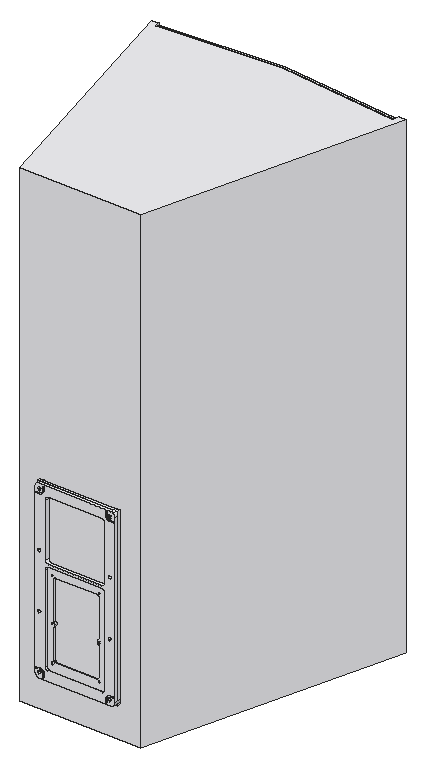
Revit family "EVF-1122D ", category Communication Devices, Revit 2017 (continued)
Definition of nested family "InputPanelV"
  Lines and regions (mm)
    model lines, not visible
      curve 204: line (62.673, -9.5, 74.153) -> (63.359, -9.5, 74.713)
      curve 205: line (63.359, -9.5, 74.713) -> (63.814, -9.5, 75.544)
      curve 206: line (63.818, -9.5, 75.551) -> (64.101, -9.5, 76.539)
      curve 207: line (64.101, -9.5, 76.539) -> (64.793, -9.5, 76.539)
      curve 208: line (64.793, -9.5, 76.539) -> (66.91, -9.5, 76.54)
      curve 209: line (66.91, -9.5, 76.54) -> (66.91, -9.5, 70.344)
      curve 210: line (61.049, -9.5, 85.998) -> (60.837, -9.5, 85.998)
      curve 211: line (60.837, -9.5, 85.998) -> (60.837, -9.5, 85.655)
      curve 212: line (60.916, -9.5, 85.517) -> (61.049, -9.5, 85.391)
      curve 213: line (61.049, -9.5, 85.391) -> (61.049, -9.5, 85.998)
      curve 214: line (61.049, -9.5, 85.998) -> (62.676, -9.5, 85.999)
      curve 215: line (62.676, -9.5, 85.999) -> (62.676, -9.5, 85.392)
      curve 216: line (62.676, -9.5, 79.084) -> (62.676, -9.5, 80.299)
      curve 217: line (62.677, -9.5, 72.779) -> (62.677, -9.5, 73.994)
      curve 218: line (62.678, -9.5, 66.472) -> (62.678, -9.5, 67.687)
      curve 219: line (61.052, -9.5, 60.773) -> (60.84, -9.5, 60.773)
      curve 220: line (60.84, -9.5, 60.773) -> (60.84, -9.5, 61.139)
      curve 221: line (60.918, -9.5, 61.255) -> (61.052, -9.5, 61.381)
      curve 222: line (61.052, -9.5, 61.381) -> (61.052, -9.5, 60.773)
      curve 223: line (61.052, -9.5, 60.773) -> (62.679, -9.5, 60.773)
      curve 224: line (62.679, -9.5, 60.773) -> (62.679, -9.5, 61.381)
      curve 225: line (60.839, -9.5, 66.735) -> (60.842, -9.5, 67.413)
      curve 226: line (60.918, -9.5, 67.56) -> (61.051, -9.5, 67.686)
      curve 227: line (61.051, -9.5, 67.686) -> (61.051, -9.5, 66.471)
      curve 228: line (61.051, -9.5, 66.471) -> (60.918, -9.5, 66.598)
      curve 229: line (61.05, -9.5, 72.779) -> (61.05, -9.5, 73.994)
      curve 230: line (61.05, -9.5, 73.994) -> (60.917, -9.5, 73.867)
      curve 231: line (60.838, -9.5, 73.752) -> (60.838, -9.5, 73.043)
      curve 232: line (60.917, -9.5, 72.905) -> (61.05, -9.5, 72.779)
      curve 233: line (60.838, -9.5, 79.348) -> (60.841, -9.5, 80.026)
      curve 234: line (60.916, -9.5, 80.173) -> (61.049, -9.5, 80.299)
      curve 235: line (61.049, -9.5, 80.299) -> (61.049, -9.5, 79.084)
      curve 236: line (61.049, -9.5, 79.084) -> (60.916, -9.5, 79.21)
      curve 237: line (65.486, -9.5, 73.675) -> (63.369, -9.5, 73.675)
      curve 238: line (63.369, -9.5, 73.675) -> (63.369, -9.5, 73.098)
      curve 239: line (63.369, -9.5, 73.098) -> (65.486, -9.5, 73.099)
      curve 240: line (65.486, -9.5, 73.099) -> (65.486, -9.5, 73.675)
      curve 241: line (65.487, -9.5, 67.368) -> (65.487, -9.5, 66.791)
      curve 242: line (65.487, -9.5, 66.791) -> (63.37, -9.5, 66.791)
      curve 243: line (63.37, -9.5, 66.791) -> (63.369, -9.5, 67.367)
      curve 244: line (63.369, -9.5, 67.367) -> (65.487, -9.5, 67.368)
      curve 245: line (65.485, -9.5, 79.98) -> (65.485, -9.5, 79.404)
      curve 246: line (65.485, -9.5, 79.404) -> (63.368, -9.5, 79.404)
      curve 247: line (63.368, -9.5, 79.404) -> (63.368, -9.5, 79.98)
      curve 248: line (63.368, -9.5, 79.98) -> (65.485, -9.5, 79.98)
      curve 249: line (63.37, -9.5, 60.773) -> (65.488, -9.5, 60.774)
      curve 250: line (65.488, -9.5, 60.774) -> (65.488, -9.5, 61.062)
      curve 251: line (65.488, -9.5, 61.062) -> (63.37, -9.5, 61.062)
      curve 252: line (63.37, -9.5, 61.062) -> (63.37, -9.5, 60.773)
      curve 253: line (63.37, -9.5, 60.773) -> (62.679, -9.5, 60.773)
      curve 254: line (62.676, -9.5, 85.999) -> (63.367, -9.5, 85.999)
      curve 255: line (63.367, -9.5, 85.999) -> (63.367, -9.5, 85.711)
      curve 256: line (63.367, -9.5, 85.711) -> (65.485, -9.5, 85.711)
      curve 257: line (65.485, -9.5, 85.711) -> (65.485, -9.5, 85.999)
      curve 258: line (65.485, -9.5, 85.999) -> (63.367, -9.5, 85.999)
      curve 259: line (63.973, -9.5, 63.722) -> (62.18, -9.5, 65.91)
      curve 260: line (62.18, -9.5, 65.91) -> (62.671, -9.5, 66.243)
      curve 261: line (63.973, -9.5, 70.028) -> (62.179, -9.5, 72.217)
      curve 262: line (62.179, -9.5, 72.217) -> (62.67, -9.5, 72.549)
      curve 263: line (63.946, -9.5, 63.467) -> (62.347, -9.5, 65.419)
      curve 264: line (62.347, -9.5, 65.419) -> (61.777, -9.5, 65.419)
      curve 265: line (61.777, -9.5, 65.419) -> (63.815, -9.5, 62.932)
      curve 266: line (63.945, -9.5, 69.773) -> (62.346, -9.5, 71.725)
      curve 267: line (62.346, -9.5, 71.725) -> (61.777, -9.5, 71.725)
      curve 268: line (61.777, -9.5, 71.725) -> (63.815, -9.5, 69.238)
      curve 269: line (63.945, -9.5, 76.08) -> (62.345, -9.5, 78.032)
      curve 270: line (62.345, -9.5, 78.032) -> (61.776, -9.5, 78.031)
      curve 271: line (61.776, -9.5, 78.031) -> (63.814, -9.5, 75.544)
      curve 272: line (63.972, -9.5, 76.334) -> (62.178, -9.5, 78.523)
      curve 273: line (62.178, -9.5, 78.523) -> (62.669, -9.5, 78.856)
      curve 274: line (63.971, -9.5, 82.641) -> (62.178, -9.5, 84.829)
      curve 275: line (62.178, -9.5, 84.829) -> (62.669, -9.5, 85.162)
      curve 276: line (63.944, -9.5, 82.386) -> (62.345, -9.5, 84.338)
      curve 277: line (62.345, -9.5, 84.338) -> (61.775, -9.5, 84.338)
      curve 278: line (61.775, -9.5, 84.338) -> (63.813, -9.5, 81.851)
      curve 279: line (66.909, -9.5, 82.956) -> (66.908, -9.5, 85.999)
      curve 280: line (66.908, -9.5, 85.999) -> (72.332, -9.5, 86)
      curve 281: line (72.332, -9.5, 86) -> (72.335, -9.5, 60.774)
      curve 282: line (72.335, -9.5, 60.774) -> (66.911, -9.5, 60.774)
      curve 283: line (65.485, -9.5, 85.999) -> (66.908, -9.5, 85.999)
      curve 284: line (72.332, -9.5, 86) -> (72.658, -9.5, 86)
      curve 285: line (72.658, -9.5, 86) -> (72.661, -9.5, 60.775)
      curve 286: line (72.661, -9.5, 60.775) -> (72.335, -9.5, 60.774)
      curve 287: line (72.335, -9.5, 60.774) -> (72.464, -9.5, 60.647)
      curve 288: line (72.464, -9.5, 60.647) -> (72.586, -9.5, 60.47)
      curve 289: line (73.116, -9.5, 67.379) -> (73.115, -9.5, 72.891)
      curve 290: line (73.115, -9.5, 72.891) -> (77.33, -9.5, 72.891)
      curve 291: line (77.33, -9.5, 72.891) -> (77.331, -9.5, 67.379)
      curve 292: line (77.331, -9.5, 67.379) -> (73.116, -9.5, 67.379)
      curve 293: line (77.331, -9.5, 66.783) -> (77.332, -9.5, 61.272)
      curve 294: line (77.332, -9.5, 61.272) -> (73.116, -9.5, 61.271)
      curve 295: line (73.116, -9.5, 61.271) -> (73.116, -9.5, 66.783)
      curve 296: line (73.116, -9.5, 66.783) -> (77.331, -9.5, 66.783)
      curve 297: line (72.661, -9.5, 60.775) -> (77.787, -9.5, 60.775)
      curve 298: line (77.787, -9.5, 60.775) -> (77.784, -9.5, 86)
      curve 299: line (77.784, -9.5, 86) -> (72.658, -9.5, 86)
      curve 300: line (73.114, -9.5, 79.991) -> (73.113, -9.5, 85.503)
      curve 301: line (73.113, -9.5, 85.503) -> (77.329, -9.5, 85.504)
      curve 302: line (77.329, -9.5, 85.504) -> (77.329, -9.5, 79.992)
      curve 303: line (77.329, -9.5, 79.992) -> (73.114, -9.5, 79.991)
      curve 304: line (77.329, -9.5, 79.396) -> (77.33, -9.5, 73.884)
      curve 305: line (77.33, -9.5, 73.884) -> (73.115, -9.5, 73.884)
      curve 306: line (73.115, -9.5, 73.884) -> (73.114, -9.5, 79.396)
      curve 307: line (73.114, -9.5, 79.396) -> (77.329, -9.5, 79.396)
      curve 308: line (73.114, -9.5, 81.158) -> (74.522, -9.5, 81.159)
      curve 309: line (74.522, -9.5, 81.159) -> (74.848, -9.5, 80.47)
      curve 310: line (74.848, -9.5, 80.47) -> (75.233, -9.5, 79.992)
      curve 311: line (73.116, -9.5, 68.546) -> (74.524, -9.5, 68.546)
      curve 312: line (74.524, -9.5, 68.546) -> (74.849, -9.5, 67.858)
      curve 313: line (74.849, -9.5, 67.858) -> (75.235, -9.5, 67.379)
      curve 314: line (73.114, -9.5, 78.229) -> (74.523, -9.5, 78.229)
      curve 315: line (74.523, -9.5, 78.229) -> (74.848, -9.5, 78.917)
      curve 316: line (74.848, -9.5, 78.917) -> (75.233, -9.5, 79.396)
      curve 317: line (73.116, -9.5, 65.616) -> (74.524, -9.5, 65.616)
      curve 318: line (74.524, -9.5, 65.616) -> (74.85, -9.5, 66.304)
      curve 319: line (74.85, -9.5, 66.304) -> (75.235, -9.5, 66.783)
      curve 320: line (73.116, -9.5, 62.239) -> (74.525, -9.5, 62.24)
      curve 321: line (74.525, -9.5, 62.24) -> (74.85, -9.5, 61.552)
      curve 322: line (74.85, -9.5, 61.552) -> (75.076, -9.5, 61.271)
      curve 323: line (73.115, -9.5, 74.852) -> (74.523, -9.5, 74.852)
      curve 324: line (74.523, -9.5, 74.852) -> (74.849, -9.5, 74.164)
      curve 325: line (74.849, -9.5, 74.164) -> (75.074, -9.5, 73.884)
      curve 326: line (73.115, -9.5, 71.922) -> (74.524, -9.5, 71.923)
      curve 327: line (74.524, -9.5, 71.923) -> (74.849, -9.5, 72.611)
      curve 328: line (75.074, -9.5, 72.891) -> (74.849, -9.5, 72.611)
      curve 329: line (74.849, -9.5, 72.611) -> (74.849, -9.5, 67.858)
      curve 330: line (73.114, -9.5, 84.535) -> (74.522, -9.5, 84.535)
      curve 331: line (74.522, -9.5, 84.535) -> (74.847, -9.5, 85.223)
      curve 332: line (74.847, -9.5, 85.223) -> (74.848, -9.5, 80.47)
      curve 333: line (75.073, -9.5, 85.503) -> (74.847, -9.5, 85.223)
      curve 334: line (74.524, -9.5, 65.616) -> (74.525, -9.5, 62.24)
      curve 335: line (74.523, -9.5, 78.229) -> (74.523, -9.5, 74.852)
      curve 336: line (74.524, -9.5, 68.546) -> (74.524, -9.5, 71.923)
      curve 337: line (74.522, -9.5, 81.159) -> (74.522, -9.5, 84.535)
      curve 338: line (72.586, -9.5, 60.208) -> (75.719, -9.5, 60.209)
      curve 339: line (75.719, -9.5, 60.209) -> (75.719, -9.5, 60.47)
      curve 340: line (75.719, -9.5, 60.47) -> (72.586, -9.5, 60.47)
      curve 341: line (72.586, -9.5, 60.47) -> (72.586, -9.5, 60.208)
      curve 342: line (72.586, -9.5, 60.208) -> (72.005, -9.5, 60.208)
      curve 343: line (72.005, -9.5, 60.208) -> (72.005, -9.5, 60.47)
      curve 344: line (72.005, -9.5, 60.47) -> (72.127, -9.5, 60.774)
      curve 345: line (72.464, -9.5, 60.647) -> (75.597, -9.5, 60.647)
      curve 346: line (75.597, -9.5, 60.647) -> (75.719, -9.5, 60.47)
      curve 347: line (76.233, -9.5, 66.783) -> (76.233, -9.5, 61.272)
      curve 348: line (76.231, -9.5, 79.396) -> (76.232, -9.5, 73.884)
      curve 349: line (76.232, -9.5, 72.891) -> (76.233, -9.5, 67.379)
      curve 350: line (76.23, -9.5, 85.504) -> (76.231, -9.5, 79.992)
      curve 351: line (74.85, -9.5, 66.304) -> (74.85, -9.5, 61.552)
      curve 352: line (74.848, -9.5, 78.917) -> (74.849, -9.5, 74.164)
      curve 353: line (65.589, -9.5, 60.469) -> (65.589, -9.5, 60.208)
      curve 354: line (65.589, -9.5, 60.208) -> (65.009, -9.5, 60.207)
      curve 355: line (65.009, -9.5, 60.207) -> (65.009, -9.5, 60.469)
      curve 356: line (65.009, -9.5, 60.469) -> (65.131, -9.5, 60.646)
      curve 357: line (65.589, -9.5, 60.208) -> (68.722, -9.5, 60.208)
      curve 358: line (68.722, -9.5, 60.208) -> (68.722, -9.5, 60.469)
      curve 359: line (54.498, -9.5, 76.538) -> (54.659, -9.5, 75.55)
      curve 360: line (54.659, -9.5, 75.55) -> (55.117, -9.5, 74.712)
      curve 361: line (55.117, -9.5, 74.712) -> (55.804, -9.5, 74.153)
      curve 362: line (55.804, -9.5, 74.153) -> (56.613, -9.5, 73.956)
      curve 363: line (56.613, -9.5, 73.956) -> (57.422, -9.5, 74.153)
      curve 364: line (57.422, -9.5, 74.153) -> (58.109, -9.5, 74.713)
      curve 365: line (58.109, -9.5, 74.713) -> (58.567, -9.5, 75.55)
      curve 366: line (58.567, -9.5, 75.55) -> (58.728, -9.5, 76.539)
      curve 367: line (58.728, -9.5, 76.539) -> (58.567, -9.5, 77.527)
      curve 368: line (58.567, -9.5, 77.527) -> (58.108, -9.5, 78.364)
      curve 369: line (58.108, -9.5, 78.364) -> (57.422, -9.5, 78.924)
      curve 370: line (57.422, -9.5, 78.924) -> (56.612, -9.5, 79.12)
      curve 371: line (56.612, -9.5, 79.12) -> (55.803, -9.5, 78.924)
      curve 372: line (55.803, -9.5, 78.924) -> (55.117, -9.5, 78.364)
      curve 373: line (55.117, -9.5, 78.364) -> (54.662, -9.5, 77.533)
      curve 374: line (54.659, -9.5, 77.526) -> (54.374, -9.5, 76.538)
      curve 375: line (54.374, -9.5, 76.538) -> (53.682, -9.5, 76.538)
      curve 376: line (53.682, -9.5, 76.538) -> (51.565, -9.5, 76.538)
      curve 377: line (51.565, -9.5, 76.538) -> (51.566, -9.5, 82.763)
      curve 378: line (54.499, -9.5, 63.925) -> (54.66, -9.5, 62.937)
      curve 379: line (54.66, -9.5, 62.937) -> (55.119, -9.5, 62.1)
      curve 380: line (55.119, -9.5, 62.1) -> (55.805, -9.5, 61.54)
      curve 381: line (55.805, -9.5, 61.54) -> (56.615, -9.5, 61.344)
      curve 382: line (56.615, -9.5, 61.344) -> (57.424, -9.5, 61.54)
      curve 383: line (57.424, -9.5, 61.54) -> (58.11, -9.5, 62.1)
      curve 384: line (58.11, -9.5, 62.1) -> (58.569, -9.5, 62.938)
      curve 385: line (58.569, -9.5, 62.938) -> (58.729, -9.5, 63.926)
      curve 386: line (58.729, -9.5, 63.926) -> (58.568, -9.5, 64.914)
      curve 387: line (58.568, -9.5, 64.914) -> (58.11, -9.5, 65.752)
      curve 388: line (58.11, -9.5, 65.752) -> (57.423, -9.5, 66.311)
      curve 389: line (57.423, -9.5, 66.311) -> (56.614, -9.5, 66.508)
      curve 390: line (56.614, -9.5, 66.508) -> (55.805, -9.5, 66.311)
      curve 391: line (55.805, -9.5, 66.311) -> (55.118, -9.5, 65.751)
      curve 392: line (55.118, -9.5, 65.751) -> (54.664, -9.5, 64.92)
      curve 393: line (54.66, -9.5, 64.914) -> (54.376, -9.5, 63.925)
      curve 394: line (54.376, -9.5, 63.925) -> (53.684, -9.5, 63.925)
      curve 395: line (53.684, -9.5, 63.925) -> (51.566, -9.5, 63.925)
      curve 396: line (51.566, -9.5, 63.925) -> (51.567, -9.5, 70.15)
      curve 397: line (54.497, -9.5, 82.844) -> (54.658, -9.5, 81.856)
      curve 398: line (54.658, -9.5, 81.856) -> (55.117, -9.5, 81.019)
      curve 399: line (55.117, -9.5, 81.019) -> (55.803, -9.5, 80.459)
      curve 400: line (55.803, -9.5, 80.459) -> (56.612, -9.5, 80.263)
      curve 401: line (56.612, -9.5, 80.263) -> (57.422, -9.5, 80.459)
      curve 402: line (57.422, -9.5, 80.459) -> (58.108, -9.5, 81.019)
      curve 403: line (58.108, -9.5, 81.019) -> (58.566, -9.5, 81.857)
      curve 404: line (58.566, -9.5, 81.857) -> (58.727, -9.5, 82.845)
      curve 405: line (58.727, -9.5, 82.845) -> (58.566, -9.5, 83.833)
      curve 406: line (58.566, -9.5, 83.833) -> (58.107, -9.5, 84.671)
      curve 407: line (58.107, -9.5, 84.671) -> (57.421, -9.5, 85.23)
      curve 408: line (57.421, -9.5, 85.23) -> (56.612, -9.5, 85.427)
      curve 409: line (56.612, -9.5, 85.427) -> (55.802, -9.5, 85.23)
      curve 410: line (55.802, -9.5, 85.23) -> (55.116, -9.5, 84.67)
      curve 411: line (55.116, -9.5, 84.67) -> (54.661, -9.5, 83.839)
      curve 412: line (54.658, -9.5, 83.833) -> (54.374, -9.5, 82.844)
      curve 413: line (54.374, -9.5, 82.844) -> (53.682, -9.5, 82.844)
      curve 414: line (53.682, -9.5, 82.844) -> (51.565, -9.5, 82.844)
      curve 415: line (51.565, -9.5, 82.844) -> (51.565, -9.5, 85.997)
      curve 416: line (54.498, -9.5, 70.232) -> (54.66, -9.5, 69.244)
      curve 417: line (54.66, -9.5, 69.244) -> (55.118, -9.5, 68.406)
      curve 418: line (55.118, -9.5, 68.406) -> (55.804, -9.5, 67.846)
      curve 419: line (55.804, -9.5, 67.846) -> (56.614, -9.5, 67.65)
      curve 420: line (56.614, -9.5, 67.65) -> (57.423, -9.5, 67.847)
      curve 421: line (57.423, -9.5, 67.847) -> (58.109, -9.5, 68.406)
      curve 422: line (58.109, -9.5, 68.406) -> (58.568, -9.5, 69.244)
      curve 423: line (58.568, -9.5, 69.244) -> (58.729, -9.5, 70.232)
      curve 424: line (58.729, -9.5, 70.232) -> (58.568, -9.5, 71.22)
      curve 425: line (58.568, -9.5, 71.22) -> (58.109, -9.5, 72.058)
      curve 426: line (58.109, -9.5, 72.058) -> (57.423, -9.5, 72.618)
      curve 427: line (57.423, -9.5, 72.618) -> (56.613, -9.5, 72.814)
      curve 428: line (56.613, -9.5, 72.814) -> (55.804, -9.5, 72.617)
      curve 429: line (55.804, -9.5, 72.617) -> (55.118, -9.5, 72.058)
      curve 430: line (55.118, -9.5, 72.058) -> (54.663, -9.5, 71.227)
      curve 431: line (54.659, -9.5, 71.22) -> (54.376, -9.5, 70.232)
      curve 432: line (54.376, -9.5, 70.232) -> (53.684, -9.5, 70.232)
      curve 433: line (53.684, -9.5, 70.232) -> (51.566, -9.5, 70.231)
      curve 434: line (51.566, -9.5, 70.231) -> (51.567, -9.5, 76.427)
      curve 435: line (57.428, -9.5, 60.773) -> (57.64, -9.5, 60.773)
      curve 436: line (57.64, -9.5, 60.773) -> (57.64, -9.5, 61.116)
      curve 437: line (57.561, -9.5, 61.254) -> (57.428, -9.5, 61.38)
      curve 438: line (57.428, -9.5, 61.38) -> (57.428, -9.5, 60.773)
      curve 439: line (57.428, -9.5, 60.773) -> (55.801, -9.5, 60.772)
      curve 440: line (55.801, -9.5, 60.772) -> (55.801, -9.5, 61.379)
      curve 441: line (55.8, -9.5, 67.687) -> (55.8, -9.5, 66.472)
      curve 442: line (55.8, -9.5, 73.992) -> (55.8, -9.5, 72.777)
      curve 443: line (55.799, -9.5, 80.299) -> (55.799, -9.5, 79.084)
      curve 444: line (57.425, -9.5, 85.998) -> (57.637, -9.5, 85.998)
      curve 445: line (57.637, -9.5, 85.998) -> (57.637, -9.5, 85.632)
      curve 446: line (57.558, -9.5, 85.516) -> (57.425, -9.5, 85.39)
      curve 447: line (57.425, -9.5, 85.39) -> (57.425, -9.5, 85.998)
      curve 448: line (57.425, -9.5, 85.998) -> (55.798, -9.5, 85.998)
      curve 449: line (55.798, -9.5, 85.998) -> (55.798, -9.5, 85.39)
      curve 450: line (57.638, -9.5, 80.036) -> (57.634, -9.5, 79.358)
      curve 451: line (57.559, -9.5, 79.211) -> (57.426, -9.5, 79.085)
      curve 452: line (57.426, -9.5, 79.085) -> (57.426, -9.5, 80.3)
      curve 453: line (57.426, -9.5, 80.3) -> (57.559, -9.5, 80.173)
      curve 454: line (57.427, -9.5, 73.992) -> (57.427, -9.5, 72.777)
      curve 455: line (57.427, -9.5, 72.777) -> (57.56, -9.5, 72.903)
      curve 456: line (57.638, -9.5, 73.019) -> (57.638, -9.5, 73.728)
      curve 457: line (57.56, -9.5, 73.866) -> (57.427, -9.5, 73.992)
      curve 458: line (57.639, -9.5, 67.423) -> (57.636, -9.5, 66.745)
      curve 459: line (57.561, -9.5, 66.598) -> (57.428, -9.5, 66.472)
      curve 460: line (57.428, -9.5, 66.472) -> (57.427, -9.5, 67.687)
      curve 461: line (57.427, -9.5, 67.687) -> (57.561, -9.5, 67.561)
      curve 462: line (52.991, -9.5, 73.096) -> (55.108, -9.5, 73.096)
      curve 463: line (55.108, -9.5, 73.096) -> (55.108, -9.5, 73.673)
      curve 464: line (55.108, -9.5, 73.673) -> (52.991, -9.5, 73.672)
      curve 465: line (52.991, -9.5, 73.672) -> (52.991, -9.5, 73.096)
      curve 466: line (52.99, -9.5, 79.403) -> (52.99, -9.5, 79.98)
      curve 467: line (52.99, -9.5, 79.98) -> (55.107, -9.5, 79.98)
      curve 468: line (55.107, -9.5, 79.98) -> (55.107, -9.5, 79.404)
      curve 469: line (55.107, -9.5, 79.404) -> (52.99, -9.5, 79.403)
      curve 470: line (52.991, -9.5, 66.791) -> (52.991, -9.5, 67.367)
      curve 471: line (52.991, -9.5, 67.367) -> (55.109, -9.5, 67.367)
      curve 472: line (55.109, -9.5, 67.367) -> (55.109, -9.5, 66.791)
      curve 473: line (55.109, -9.5, 66.791) -> (52.991, -9.5, 66.791)
      curve 474: line (55.107, -9.5, 85.998) -> (52.989, -9.5, 85.997)
      curve 475: line (52.989, -9.5, 85.997) -> (52.989, -9.5, 85.709)
      curve 476: line (52.989, -9.5, 85.709) -> (55.107, -9.5, 85.709)
      curve 477: line (55.107, -9.5, 85.709) -> (55.107, -9.5, 85.998)
      curve 478: line (55.107, -9.5, 85.998) -> (55.798, -9.5, 85.998)
      curve 479: line (55.801, -9.5, 60.772) -> (55.11, -9.5, 60.772)
      curve 480: line (55.11, -9.5, 60.772) -> (55.11, -9.5, 61.06)
      curve 481: line (55.11, -9.5, 61.06) -> (52.992, -9.5, 61.06)
      curve 482: line (52.992, -9.5, 61.06) -> (52.992, -9.5, 60.772)
      curve 483: line (52.992, -9.5, 60.772) -> (55.11, -9.5, 60.772)
      curve 484: line (54.504, -9.5, 76.743) -> (56.298, -9.5, 74.554)
      curve 485: line (56.298, -9.5, 74.554) -> (55.807, -9.5, 74.222)
      curve 486: line (54.503, -9.5, 83.049) -> (56.297, -9.5, 80.86)
      curve 487: line (56.297, -9.5, 80.86) -> (55.806, -9.5, 80.528)
      curve 488: line (54.531, -9.5, 76.998) -> (56.131, -9.5, 75.046)
      curve 489: line (56.131, -9.5, 75.046) -> (56.7, -9.5, 75.046)
      curve 490: line (56.7, -9.5, 75.046) -> (54.662, -9.5, 77.533)
      curve 491: line (54.531, -9.5, 83.304) -> (56.13, -9.5, 81.352)
      curve 492: line (56.13, -9.5, 81.352) -> (56.699, -9.5, 81.352)
      curve 493: line (56.699, -9.5, 81.352) -> (54.661, -9.5, 83.839)
      curve 494: line (54.505, -9.5, 70.437) -> (56.298, -9.5, 68.248)
      curve 495: line (56.298, -9.5, 68.248) -> (55.807, -9.5, 67.915)
      curve 496: line (54.506, -9.5, 64.13) -> (56.299, -9.5, 61.942)
      curve 497: line (56.299, -9.5, 61.942) -> (55.808, -9.5, 61.609)
      curve 498: line (54.533, -9.5, 64.385) -> (56.132, -9.5, 62.433)
      curve 499: line (56.132, -9.5, 62.433) -> (56.702, -9.5, 62.433)
      curve 500: line (56.702, -9.5, 62.433) -> (54.664, -9.5, 64.92)
      curve 501: line (54.532, -9.5, 70.691) -> (56.131, -9.5, 68.739)
      curve 502: line (56.131, -9.5, 68.739) -> (56.701, -9.5, 68.739)
      curve 503: line (56.701, -9.5, 68.739) -> (54.663, -9.5, 71.227)
      curve 504: line (51.568, -9.5, 63.815) -> (51.568, -9.5, 60.772)
      curve 505: line (51.568, -9.5, 60.772) -> (46.145, -9.5, 60.771)
      curve 506: line (46.145, -9.5, 60.771) -> (46.141, -9.5, 85.996)
      curve 507: line (46.141, -9.5, 85.996) -> (51.565, -9.5, 85.997)
      curve 508: line (51.565, -9.5, 85.997) -> (52.989, -9.5, 85.997)
      curve 509: line (52.989, -9.5, 85.997) -> (49.876, -9.5, 86.125)
      curve 510: line (49.876, -9.5, 86.125) -> (49.754, -9.5, 86.302)
      curve 511: line (52.992, -9.5, 60.772) -> (51.568, -9.5, 60.772)
      curve 512: line (45.361, -9.5, 79.392) -> (45.362, -9.5, 73.88)
      curve 513: line (45.362, -9.5, 73.88) -> (41.147, -9.5, 73.88)
      curve 514: line (41.147, -9.5, 73.88) -> (41.146, -9.5, 79.392)
      curve 515: line (41.146, -9.5, 79.392) -> (45.361, -9.5, 79.392)
      curve 516: line (41.146, -9.5, 79.988) -> (41.145, -9.5, 85.499)
      curve 517: line (41.145, -9.5, 85.499) -> (45.36, -9.5, 85.5)
      curve 518: line (45.36, -9.5, 85.5) -> (45.361, -9.5, 79.988)
      curve 519: line (45.361, -9.5, 79.988) -> (41.146, -9.5, 79.988)
      curve 520: line (45.819, -9.5, 60.771) -> (45.816, -9.5, 85.996)
      curve 521: line (45.816, -9.5, 85.996) -> (40.689, -9.5, 85.996)
      curve 522: line (40.689, -9.5, 85.996) -> (40.692, -9.5, 60.771)
      curve 523: line (40.692, -9.5, 60.771) -> (45.819, -9.5, 60.771)
      curve 524: line (45.819, -9.5, 60.771) -> (46.145, -9.5, 60.771)
      curve 525: line (45.363, -9.5, 66.78) -> (45.363, -9.5, 61.268)
      curve 526: line (45.363, -9.5, 61.268) -> (41.148, -9.5, 61.267)
      curve 527: line (41.148, -9.5, 61.267) -> (41.147, -9.5, 66.779)
      curve 528: line (41.147, -9.5, 66.779) -> (45.363, -9.5, 66.78)
      curve 529: line (41.147, -9.5, 67.375) -> (41.147, -9.5, 72.887)
      curve 530: line (41.147, -9.5, 72.887) -> (45.362, -9.5, 72.887)
      curve 531: line (45.362, -9.5, 72.887) -> (45.363, -9.5, 67.375)
      curve 532: line (45.363, -9.5, 67.375) -> (41.147, -9.5, 67.375)
      curve 533: line (45.816, -9.5, 85.996) -> (46.141, -9.5, 85.996)
      curve 534: line (46.141, -9.5, 85.996) -> (42.88, -9.5, 86.124)
      curve 535: line (42.88, -9.5, 86.124) -> (42.758, -9.5, 86.301)
      curve 536: line (42.758, -9.5, 86.301) -> (45.891, -9.5, 86.301)
      curve 537: line (45.891, -9.5, 86.301) -> (46.013, -9.5, 86.124)
      curve 538: line (45.361, -9.5, 78.225) -> (43.953, -9.5, 78.225)
      curve 539: line (43.953, -9.5, 78.225) -> (43.627, -9.5, 78.913)
      curve 540: line (43.627, -9.5, 78.913) -> (43.242, -9.5, 79.392)
      curve 541: line (45.363, -9.5, 65.613) -> (43.954, -9.5, 65.612)
      curve 542: line (43.954, -9.5, 65.612) -> (43.629, -9.5, 66.3)
      curve 543: line (43.629, -9.5, 66.3) -> (43.244, -9.5, 66.779)
      curve 544: line (45.362, -9.5, 68.542) -> (43.954, -9.5, 68.542)
      curve 545: line (43.954, -9.5, 68.542) -> (43.629, -9.5, 67.854)
      curve 546: line (43.629, -9.5, 67.854) -> (43.244, -9.5, 67.375)
      curve 547: line (45.361, -9.5, 81.155) -> (43.952, -9.5, 81.155)
      curve 548: line (43.952, -9.5, 81.155) -> (43.627, -9.5, 80.467)
      curve 549: line (43.627, -9.5, 80.467) -> (43.242, -9.5, 79.988)
      curve 550: line (45.362, -9.5, 71.919) -> (43.954, -9.5, 71.919)
      curve 551: line (43.954, -9.5, 71.919) -> (43.628, -9.5, 72.607)
      curve 552: line (43.628, -9.5, 72.607) -> (43.403, -9.5, 72.887)
      curve 553: line (45.361, -9.5, 84.532) -> (43.952, -9.5, 84.531)
      curve 554: line (43.952, -9.5, 84.531) -> (43.627, -9.5, 85.219)
      curve 555: line (43.627, -9.5, 85.219) -> (43.401, -9.5, 85.5)
      curve 556: line (45.362, -9.5, 74.849) -> (43.953, -9.5, 74.848)
      curve 557: line (43.953, -9.5, 74.848) -> (43.628, -9.5, 74.16)
      curve 558: line (43.403, -9.5, 73.88) -> (43.628, -9.5, 74.16)
      curve 559: line (43.628, -9.5, 74.16) -> (43.627, -9.5, 78.913)
      curve 560: line (45.363, -9.5, 62.236) -> (43.955, -9.5, 62.236)
      curve 561: line (43.955, -9.5, 62.236) -> (43.629, -9.5, 61.548)
      curve 562: line (43.629, -9.5, 61.548) -> (43.629, -9.5, 66.3)
      curve 563: line (43.404, -9.5, 61.267) -> (43.629, -9.5, 61.548)
      curve 564: line (43.954, -9.5, 68.542) -> (43.954, -9.5, 71.919)
      curve 565: line (43.952, -9.5, 81.155) -> (43.952, -9.5, 84.531)
      curve 566: line (43.954, -9.5, 65.612) -> (43.955, -9.5, 62.236)
      curve 567: line (43.953, -9.5, 78.225) -> (43.953, -9.5, 74.848)
      curve 568: line (45.891, -9.5, 86.301) -> (45.891, -9.5, 86.563)
      curve 569: line (45.891, -9.5, 86.563) -> (42.758, -9.5, 86.562)
      curve 570: line (42.758, -9.5, 86.562) -> (42.758, -9.5, 86.301)
      curve 571: line (45.891, -9.5, 86.563) -> (46.472, -9.5, 86.563)
      curve 572: line (46.472, -9.5, 86.563) -> (46.472, -9.5, 86.301)
      curve 573: line (46.472, -9.5, 86.301) -> (46.35, -9.5, 86.124)
      curve 574: line (42.244, -9.5, 79.988) -> (42.243, -9.5, 85.499)
      curve 575: line (42.246, -9.5, 67.375) -> (42.245, -9.5, 72.887)
      curve 576: line (42.246, -9.5, 61.267) -> (42.246, -9.5, 66.779)
      curve 577: line (42.245, -9.5, 73.88) -> (42.244, -9.5, 79.392)
      curve 578: line (43.629, -9.5, 67.854) -> (43.628, -9.5, 72.607)
      curve 579: line (43.627, -9.5, 80.467) -> (43.627, -9.5, 85.219)
      curve 580: line (52.887, -9.5, 86.302) -> (53.009, -9.5, 86.125)
      curve 581: line (52.887, -9.5, 86.563) -> (52.887, -9.5, 86.302)
      curve 582: line (52.887, -9.5, 86.302) -> (49.754, -9.5, 86.302)
      curve 583: line (49.754, -9.5, 86.302) -> (49.754, -9.5, 86.563)
      curve 584: line (49.754, -9.5, 86.563) -> (52.887, -9.5, 86.563)
      curve 585: line (52.887, -9.5, 86.563) -> (53.468, -9.5, 86.563)
      curve 586: line (53.468, -9.5, 86.563) -> (53.468, -9.5, 86.302)
      curve 587: line (53.468, -9.5, 86.302) -> (53.346, -9.5, 86.125)
      curve 588: line (78.97, -9.5, 60.972) -> (78.967, -9.5, 85.803)
      curve 589: line (78.912, -9.5, 85.748) -> (78.915, -9.5, 61.027)
      curve 590: line (77.958, -9.5, 86.812) -> (40.515, -9.5, 86.808)
      curve 591: line (40.57, -9.5, 86.753) -> (77.903, -9.5, 86.757)
      curve 592: line (39.506, -9.5, 85.799) -> (39.509, -9.5, 60.968)
      curve 593: line (39.509, -9.5, 60.97) -> (39.561, -9.5, 85.744)
      curve 594: line (40.518, -9.5, 59.959) -> (77.962, -9.5, 59.963)
      curve 595: line (77.907, -9.5, 60.018) -> (40.573, -9.5, 60.014)
      curve 596: line (61.368, -9.5, 70.233) -> (59.749, -9.5, 70.232)
      curve 597: line (59.749, -9.5, 70.232) -> (59.415, -9.5, 70.232)
      curve 598: line (61.369, -9.5, 63.926) -> (59.75, -9.5, 63.926)
      curve 599: line (59.75, -9.5, 63.926) -> (59.417, -9.5, 63.926)
      curve 600: line (61.367, -9.5, 76.539) -> (59.748, -9.5, 76.539)
      curve 601: line (59.748, -9.5, 76.539) -> (59.415, -9.5, 76.539)
      curve 602: line (61.367, -9.5, 82.845) -> (59.747, -9.5, 82.845)
      curve 603: line (59.747, -9.5, 82.845) -> (59.414, -9.5, 82.845)
      curve 604: line (57.109, -9.5, 76.538) -> (58.728, -9.5, 76.539)
      curve 605: line (58.728, -9.5, 76.539) -> (59.062, -9.5, 76.539)
      curve 606: line (57.108, -9.5, 82.845) -> (58.727, -9.5, 82.845)
      curve 607: line (58.727, -9.5, 82.845) -> (59.06, -9.5, 82.845)
      curve 608: line (57.109, -9.5, 70.232) -> (58.729, -9.5, 70.232)
      curve 609: line (58.729, -9.5, 70.232) -> (59.062, -9.5, 70.232)
      curve 610: line (57.11, -9.5, 63.926) -> (58.729, -9.5, 63.926)
      curve 611: line (58.729, -9.5, 63.926) -> (59.063, -9.5, 63.926)
    model lines
      curve 612: arc (9.156, -4.337, 86.891) -> (7.56, -4.337, 86.55) -> (6.356, -4.337, 85.448) r 3.109
      curve 613: arc (21.769, -4.337, 86.892) -> (20.172, -4.337, 86.552) -> (18.969, -4.337, 85.449) r 3.109
      curve 614: arc (2.85, -4.337, 86.889) -> (1.264, -4.337, 86.554) -> (0.063, -4.337, 85.466) r 3.108
      curve 615: arc (15.462, -4.337, 86.891) -> (13.877, -4.337, 86.556) -> (12.676, -4.337, 85.468) r 3.108
      curve 616: arc (11.869, -4.337, 85.595) -> (10.676, -4.337, 86.586) -> (9.156, -4.337, 86.892) r 3.166
      curve 617: arc (24.481, -4.337, 85.596) -> (23.289, -4.337, 86.588) -> (21.769, -4.337, 86.894) r 3.166
      curve 618: arc (5.561, -4.337, 85.594) -> (4.369, -4.337, 86.585) -> (2.85, -4.337, 86.891) r 3.165
      curve 619: arc (18.174, -4.337, 85.596) -> (16.982, -4.337, 86.586) -> (15.462, -4.337, 86.892) r 3.165
      curve 620: arc (15.462, -4.337, 87.244) -> (17.059, -4.337, 87.585) -> (18.263, -4.337, 88.687) r 3.109
      curve 621: arc (2.85, -4.337, 87.243) -> (4.446, -4.337, 87.583) -> (5.65, -4.337, 88.686) r 3.109
      curve 622: arc (21.769, -4.337, 87.246) -> (23.354, -4.337, 87.581) -> (24.556, -4.337, 88.669) r 3.108
      curve 623: arc (9.156, -4.337, 87.244) -> (10.742, -4.337, 87.58) -> (11.943, -4.337, 88.668) r 3.108
      curve 624: arc (12.75, -4.337, 88.541) -> (13.942, -4.337, 87.549) -> (15.462, -4.337, 87.243) r 3.166
      curve 625: arc (0.137, -4.337, 88.539) -> (1.33, -4.337, 87.548) -> (2.85, -4.337, 87.241) r 3.166
      curve 626: arc (19.058, -4.337, 88.541) -> (20.249, -4.337, 87.55) -> (21.769, -4.337, 87.244) r 3.165
      curve 627: arc (6.445, -4.337, 88.539) -> (7.637, -4.337, 87.549) -> (9.156, -4.337, 87.243) r 3.165
      curve 628: arc (6.61, -4.337, 83.628) -> (7.681, -4.337, 82.554) -> (9.157, -4.337, 82.203) r 2.775
      curve 629: arc (6.291, -4.337, 82.936) -> (7.544, -4.337, 81.862) -> (9.157, -4.337, 81.512) r 3.371
      curve 630: arc (6.61, -4.337, 83.628) -> (6.398, -4.337, 83.307) -> (6.291, -4.337, 82.936) r 1.273
      curve 631: arc (19.223, -4.337, 83.63) -> (20.294, -4.337, 82.556) -> (21.769, -4.337, 82.205) r 2.775
      curve 632: arc (18.904, -4.337, 82.938) -> (20.157, -4.337, 81.864) -> (21.769, -4.337, 81.513) r 3.371
      curve 633: arc (19.223, -4.337, 83.63) -> (19.011, -4.337, 83.308) -> (18.904, -4.337, 82.938) r 1.273
      curve 634: arc (0.305, -4.337, 83.627) -> (1.376, -4.337, 82.554) -> (2.85, -4.337, 82.203) r 2.774
      curve 635: arc (-0.014, -4.337, 82.936) -> (1.238, -4.337, 81.862) -> (2.851, -4.337, 81.512) r 3.37
      curve 636: arc (0.305, -4.337, 83.627) -> (0.093, -4.337, 83.306) -> (-0.014, -4.337, 82.936) r 1.273
      curve 637: arc (12.918, -4.337, 83.629) -> (13.988, -4.337, 82.555) -> (15.463, -4.337, 82.205) r 2.774
      curve 638: arc (12.599, -4.337, 82.937) -> (13.851, -4.337, 81.864) -> (15.463, -4.337, 81.513) r 3.37
      curve 639: arc (12.918, -4.337, 83.629) -> (12.705, -4.337, 83.307) -> (12.599, -4.337, 82.937) r 1.273
      curve 640: arc (9.157, -4.337, 82.203) -> (10.632, -4.337, 82.554) -> (11.703, -4.337, 83.629) r 2.775
      curve 641: arc (12.022, -4.337, 82.937) -> (11.915, -4.337, 83.307) -> (11.703, -4.337, 83.629) r 1.273
      curve 642: arc (9.157, -4.337, 81.512) -> (10.769, -4.337, 81.863) -> (12.022, -4.337, 82.937) r 3.371
      curve 643: arc (21.769, -4.337, 82.205) -> (23.245, -4.337, 82.556) -> (24.315, -4.337, 83.63) r 2.775
      curve 644: arc (24.635, -4.337, 82.939) -> (24.528, -4.337, 83.309) -> (24.315, -4.337, 83.63) r 1.273
      curve 645: arc (21.769, -4.337, 81.513) -> (23.382, -4.337, 81.864) -> (24.635, -4.337, 82.939) r 3.371
      curve 646: arc (2.85, -4.337, 82.203) -> (4.325, -4.337, 82.554) -> (5.395, -4.337, 83.628) r 2.774
      curve 647: arc (5.715, -4.337, 82.936) -> (5.608, -4.337, 83.307) -> (5.395, -4.337, 83.628) r 1.273
      curve 648: arc (2.851, -4.337, 81.512) -> (4.463, -4.337, 81.862) -> (5.715, -4.337, 82.936) r 3.37
      curve 649: arc (15.463, -4.337, 82.205) -> (16.938, -4.337, 82.556) -> (18.008, -4.337, 83.63) r 2.774
      curve 650: arc (18.327, -4.337, 82.938) -> (18.221, -4.337, 83.308) -> (18.008, -4.337, 83.63) r 1.273
      curve 651: arc (15.463, -4.337, 81.513) -> (17.075, -4.337, 81.864) -> (18.327, -4.337, 82.938) r 3.37
      curve 652: arc (2.85, -4.337, 86.679) -> (1.375, -4.337, 86.328) -> (0.305, -4.337, 85.254) r 2.774
      curve 653: arc (5.395, -4.337, 85.255) -> (4.325, -4.337, 86.329) -> (2.85, -4.337, 86.679) r 2.774
      curve 654: arc (9.156, -4.337, 86.681) -> (7.681, -4.337, 86.33) -> (6.61, -4.337, 85.255) r 2.775
      curve 655: arc (11.703, -4.337, 85.256) -> (10.632, -4.337, 86.33) -> (9.156, -4.337, 86.681) r 2.775
      curve 656: arc (15.463, -4.337, 86.681) -> (13.988, -4.337, 86.33) -> (12.917, -4.337, 85.256) r 2.774
      curve 657: arc (18.008, -4.337, 85.257) -> (16.937, -4.337, 86.33) -> (15.463, -4.337, 86.681) r 2.774
      curve 658: arc (21.769, -4.337, 86.682) -> (20.293, -4.337, 86.331) -> (19.223, -4.337, 85.257) r 2.775
      curve 659: arc (24.315, -4.337, 85.257) -> (23.244, -4.337, 86.331) -> (21.769, -4.337, 86.682) r 2.775
      curve 660: arc (6.291, -4.337, 80.819) -> (7.494, -4.337, 79.769) -> (9.047, -4.337, 79.396) r 3.348
      curve 661: arc (18.904, -4.337, 80.821) -> (20.107, -4.337, 79.771) -> (21.659, -4.337, 79.397) r 3.348
      curve 662: arc (9.268, -4.337, 79.396) -> (10.82, -4.337, 79.77) -> (12.022, -4.337, 80.82) r 3.348
      curve 663: arc (21.88, -4.337, 79.397) -> (23.432, -4.337, 79.771) -> (24.635, -4.337, 80.821) r 3.348
      curve 664: arc (-0.014, -4.337, 80.818) -> (1.202, -4.337, 79.762) -> (2.769, -4.337, 79.395) r 3.353
      curve 665: arc (12.599, -4.337, 80.82) -> (13.814, -4.337, 79.764) -> (15.382, -4.337, 79.397) r 3.353
      curve 666: arc (2.932, -4.337, 79.395) -> (4.5, -4.337, 79.763) -> (5.715, -4.337, 80.819) r 3.353
      curve 667: arc (15.545, -4.337, 79.397) -> (17.112, -4.337, 79.764) -> (18.328, -4.337, 80.821) r 3.353
      curve 668: arc (9.156, -4.337, 84.938) -> (7.784, -4.337, 84.605) -> (6.815, -4.337, 83.578) r 2.482
      curve 669: arc (2.85, -4.337, 84.937) -> (1.478, -4.337, 84.604) -> (0.509, -4.337, 83.577) r 2.482
      curve 670: arc (4.343, -4.337, 84.529) -> (3.625, -4.337, 84.836) -> (2.85, -4.337, 84.937) r 2.857
      curve 671: arc (4.501, -4.337, 83.853) -> (4.423, -4.337, 83.907) -> (4.343, -4.337, 83.959) r 2.446
      curve 672: arc (10.649, -4.337, 84.529) -> (9.931, -4.337, 84.837) -> (9.156, -4.337, 84.938) r 2.857
      curve 673: arc (10.807, -4.337, 83.854) -> (10.729, -4.337, 83.908) -> (10.649, -4.337, 83.96) r 2.446
      curve 674: arc (15.463, -4.337, 84.938) -> (14.091, -4.337, 84.606) -> (13.122, -4.337, 83.579) r 2.482
      curve 675: arc (21.769, -4.337, 84.939) -> (20.397, -4.337, 84.607) -> (19.428, -4.337, 83.579) r 2.482
      curve 676: arc (16.955, -4.337, 84.53) -> (16.237, -4.337, 84.837) -> (15.463, -4.337, 84.938) r 2.857
      curve 677: arc (17.114, -4.337, 83.854) -> (17.036, -4.337, 83.909) -> (16.955, -4.337, 83.961) r 2.446
      curve 678: arc (23.262, -4.337, 84.531) -> (22.543, -4.337, 84.838) -> (21.769, -4.337, 84.939) r 2.857
      curve 679: arc (23.42, -4.337, 83.855) -> (23.342, -4.337, 83.91) -> (23.262, -4.337, 83.961) r 2.446
      curve 680: arc (18.008, -4.337, 90.507) -> (16.937, -4.337, 91.581) -> (15.462, -4.337, 91.932) r 2.775
      curve 681: arc (18.327, -4.337, 91.199) -> (17.074, -4.337, 92.273) -> (15.462, -4.337, 92.623) r 3.371
      curve 682: arc (18.008, -4.337, 90.507) -> (18.221, -4.337, 90.828) -> (18.327, -4.337, 91.199) r 1.273
      curve 683: arc (5.396, -4.337, 90.505) -> (4.325, -4.337, 91.58) -> (2.849, -4.337, 91.93) r 2.775
      curve 684: arc (5.715, -4.337, 91.197) -> (4.462, -4.337, 92.271) -> (2.849, -4.337, 92.622) r 3.371
      curve 685: arc (5.396, -4.337, 90.505) -> (5.608, -4.337, 90.827) -> (5.715, -4.337, 91.197) r 1.273
      curve 686: arc (24.314, -4.337, 90.508) -> (23.243, -4.337, 91.581) -> (21.768, -4.337, 91.932) r 2.774
      curve 687: arc (24.633, -4.337, 91.199) -> (23.38, -4.337, 92.273) -> (21.768, -4.337, 92.624) r 3.37
      curve 688: arc (24.314, -4.337, 90.508) -> (24.526, -4.337, 90.829) -> (24.633, -4.337, 91.199) r 1.273
      curve 689: arc (11.701, -4.337, 90.506) -> (10.631, -4.337, 91.58) -> (9.156, -4.337, 91.93) r 2.774
      curve 690: arc (12.02, -4.337, 91.198) -> (10.768, -4.337, 92.272) -> (9.155, -4.337, 92.622) r 3.37
      curve 691: arc (11.701, -4.337, 90.506) -> (11.913, -4.337, 90.828) -> (12.02, -4.337, 91.198) r 1.273
      curve 692: arc (15.462, -4.337, 91.932) -> (13.986, -4.337, 91.581) -> (12.916, -4.337, 90.506) r 2.775
      curve 693: arc (12.597, -4.337, 91.198) -> (12.703, -4.337, 90.828) -> (12.916, -4.337, 90.506) r 1.273
      curve 694: arc (15.462, -4.337, 92.623) -> (13.849, -4.337, 92.272) -> (12.597, -4.337, 91.198) r 3.371
      curve 695: arc (2.849, -4.337, 91.93) -> (1.374, -4.337, 91.579) -> (0.303, -4.337, 90.505) r 2.775
      curve 696: arc (-0.016, -4.337, 91.196) -> (0.091, -4.337, 90.826) -> (0.303, -4.337, 90.505) r 1.273
      curve 697: arc (2.849, -4.337, 92.622) -> (1.237, -4.337, 92.271) -> (-0.016, -4.337, 91.196) r 3.371
      curve 698: arc (21.768, -4.337, 91.932) -> (20.293, -4.337, 91.581) -> (19.223, -4.337, 90.507) r 2.774
      curve 699: arc (18.904, -4.337, 91.199) -> (19.011, -4.337, 90.829) -> (19.223, -4.337, 90.507) r 1.273
      curve 700: arc (21.768, -4.337, 92.624) -> (20.156, -4.337, 92.273) -> (18.904, -4.337, 91.199) r 3.37
      curve 701: arc (9.156, -4.337, 91.93) -> (7.681, -4.337, 91.579) -> (6.611, -4.337, 90.506) r 2.774
      curve 702: arc (6.291, -4.337, 91.197) -> (6.398, -4.337, 90.827) -> (6.611, -4.337, 90.506) r 1.273
      curve 703: arc (9.155, -4.337, 92.622) -> (7.543, -4.337, 92.271) -> (6.291, -4.337, 91.197) r 3.37
      curve 704: arc (21.769, -4.337, 87.456) -> (23.244, -4.337, 87.807) -> (24.314, -4.337, 88.881) r 2.774
      curve 705: arc (19.223, -4.337, 88.88) -> (20.294, -4.337, 87.807) -> (21.769, -4.337, 87.456) r 2.774
      curve 706: arc (15.462, -4.337, 87.454) -> (16.938, -4.337, 87.806) -> (18.008, -4.337, 88.88) r 2.775
      curve 707: arc (12.916, -4.337, 88.879) -> (13.987, -4.337, 87.805) -> (15.462, -4.337, 87.454) r 2.775
      curve 708: arc (9.156, -4.337, 87.454) -> (10.631, -4.337, 87.805) -> (11.701, -4.337, 88.879) r 2.774
      curve 709: arc (6.611, -4.337, 88.879) -> (7.681, -4.337, 87.805) -> (9.156, -4.337, 87.454) r 2.774
      curve 710: arc (2.85, -4.337, 87.453) -> (4.325, -4.337, 87.804) -> (5.396, -4.337, 88.878) r 2.775
      curve 711: arc (0.303, -4.337, 88.878) -> (1.374, -4.337, 87.804) -> (2.85, -4.337, 87.453) r 2.775
      curve 712: arc (18.327, -4.337, 93.316) -> (17.124, -4.337, 94.366) -> (15.572, -4.337, 94.739) r 3.348
      curve 713: arc (5.715, -4.337, 93.315) -> (4.512, -4.337, 94.364) -> (2.959, -4.337, 94.738) r 3.348
      curve 714: arc (15.351, -4.337, 94.739) -> (13.799, -4.337, 94.366) -> (12.596, -4.337, 93.315) r 3.348
      curve 715: arc (2.738, -4.337, 94.738) -> (1.186, -4.337, 94.364) -> (-0.016, -4.337, 93.314) r 3.348
      curve 716: arc (24.632, -4.337, 93.317) -> (23.417, -4.337, 94.373) -> (21.849, -4.337, 94.74) r 3.353
      curve 717: arc (12.02, -4.337, 93.315) -> (10.804, -4.337, 94.371) -> (9.237, -4.337, 94.739) r 3.353
      curve 718: arc (21.686, -4.337, 94.74) -> (20.119, -4.337, 94.372) -> (18.904, -4.337, 93.316) r 3.353
      curve 719: arc (9.074, -4.337, 94.739) -> (7.506, -4.337, 94.371) -> (6.291, -4.337, 93.315) r 3.353
      curve 720: arc (21.769, -4.337, 89.198) -> (23.141, -4.337, 89.531) -> (24.11, -4.337, 90.558) r 2.482
      curve 721: arc (15.462, -4.337, 89.197) -> (16.834, -4.337, 89.53) -> (17.803, -4.337, 90.557) r 2.482
      curve 722: arc (13.97, -4.337, 89.606) -> (14.688, -4.337, 89.299) -> (15.462, -4.337, 89.197) r 2.857
      curve 723: arc (13.811, -4.337, 90.281) -> (13.889, -4.337, 90.227) -> (13.97, -4.337, 90.175) r 2.446
      curve 724: arc (20.276, -4.337, 89.607) -> (20.994, -4.337, 89.299) -> (21.769, -4.337, 89.198) r 2.857
      curve 725: arc (20.118, -4.337, 90.282) -> (20.196, -4.337, 90.228) -> (20.276, -4.337, 90.176) r 2.446
      curve 726: arc (9.156, -4.337, 89.197) -> (10.528, -4.337, 89.529) -> (11.497, -4.337, 90.556) r 2.482
      curve 727: arc (2.85, -4.337, 89.196) -> (4.222, -4.337, 89.529) -> (5.191, -4.337, 90.556) r 2.482
      curve 728: arc (1.357, -4.337, 89.604) -> (2.075, -4.337, 89.297) -> (2.85, -4.337, 89.196) r 2.857
      curve 729: arc (1.199, -4.337, 90.28) -> (1.277, -4.337, 90.225) -> (1.357, -4.337, 90.174) r 2.446
      curve 730: arc (7.663, -4.337, 89.605) -> (8.381, -4.337, 89.298) -> (9.156, -4.337, 89.197) r 2.857
      curve 731: arc (7.505, -4.337, 90.281) -> (7.583, -4.337, 90.226) -> (7.663, -4.337, 90.175) r 2.446
      curve 732: spline (-1.113, -4.337, 68.344) -> (-1.104, -4.337, 68.213) -> (-1.078, -4.337, 68.083) -> (-1.036, -4.337, 67.958) -> (-0.978, -4.337, 67.84) -> (-0.904, -4.337, 67.73) -> (-0.817, -4.337, 67.631) -> (-0.718, -4.337, 67.544) -> (-0.608, -4.337, 67.471) -> (-0.49, -4.337, 67.412) -> (-0.365, -4.337, 67.37) -> (-0.236, -4.337, 67.344) -> (-0.104, -4.337, 67.336)
      curve 733: spline (24.727, -4.337, 67.339) -> (24.859, -4.337, 67.347) -> (24.988, -4.337, 67.373) -> (25.113, -4.337, 67.415) -> (25.232, -4.337, 67.474) -> (25.341, -4.337, 67.547) -> (25.441, -4.337, 67.634) -> (25.528, -4.337, 67.733) -> (25.601, -4.337, 67.843) -> (25.659, -4.337, 67.961) -> (25.702, -4.337, 68.086) -> (25.727, -4.337, 68.216) -> (25.736, -4.337, 68.348)
      curve 734: spline (25.731, -4.337, 105.791) -> (25.723, -4.337, 105.923) -> (25.697, -4.337, 106.052) -> (25.655, -4.337, 106.177) -> (25.596, -4.337, 106.296) -> (25.523, -4.337, 106.405) -> (25.436, -4.337, 106.505) -> (25.337, -4.337, 106.592) -> (25.227, -4.337, 106.665) -> (25.109, -4.337, 106.723) -> (24.984, -4.337, 106.766) -> (24.854, -4.337, 106.791) -> (24.722, -4.337, 106.8)
      curve 735: spline (-0.106, -4.337, 106.797) -> (-0.238, -4.337, 106.789) -> (-0.368, -4.337, 106.763) -> (-0.493, -4.337, 106.721) -> (-0.612, -4.337, 106.663) -> (-0.722, -4.337, 106.589) -> (-0.821, -4.337, 106.502) -> (-0.908, -4.337, 106.403) -> (-0.982, -4.337, 106.293) -> (-1.04, -4.337, 106.175) -> (-1.083, -4.337, 106.05) -> (-1.109, -4.337, 105.92) -> (-1.117, -4.337, 105.788)
      curve 736: spline (25.676, -4.337, 105.736) -> (25.668, -4.337, 105.868) -> (25.642, -4.337, 105.997) -> (25.6, -4.337, 106.122) -> (25.541, -4.337, 106.241) -> (25.468, -4.337, 106.35) -> (25.381, -4.337, 106.45) -> (25.282, -4.337, 106.537) -> (25.172, -4.337, 106.61) -> (25.054, -4.337, 106.668) -> (24.929, -4.337, 106.711) -> (24.799, -4.337, 106.736) -> (24.667, -4.337, 106.745)
      curve 737: spline (-0.054, -4.337, 106.742) -> (-0.185, -4.337, 106.733) -> (-0.315, -4.337, 106.708) -> (-0.44, -4.337, 106.665) -> (-0.558, -4.337, 106.607) -> (-0.668, -4.337, 106.533) -> (-0.767, -4.337, 106.446) -> (-0.854, -4.337, 106.347) -> (-0.927, -4.337, 106.237) -> (-0.986, -4.337, 106.119) -> (-1.028, -4.337, 105.994) -> (-1.054, -4.337, 105.865) -> (-1.062, -4.337, 105.733)
      curve 738: spline (24.672, -4.337, 67.394) -> (24.804, -4.337, 67.402) -> (24.933, -4.337, 67.428) -> (25.058, -4.337, 67.47) -> (25.177, -4.337, 67.529) -> (25.286, -4.337, 67.602) -> (25.386, -4.337, 67.689) -> (25.473, -4.337, 67.788) -> (25.546, -4.337, 67.898) -> (25.604, -4.337, 68.017) -> (25.647, -4.337, 68.141) -> (25.672, -4.337, 68.271) -> (25.681, -4.337, 68.403)
      curve 739: spline (-1.058, -4.337, 68.399) -> (-1.049, -4.337, 68.268) -> (-1.023, -4.337, 68.138) -> (-0.981, -4.337, 68.013) -> (-0.923, -4.337, 67.895) -> (-0.849, -4.337, 67.785) -> (-0.762, -4.337, 67.686) -> (-0.663, -4.337, 67.599) -> (-0.553, -4.337, 67.526) -> (-0.435, -4.337, 67.467) -> (-0.31, -4.337, 67.425) -> (-0.18, -4.337, 67.399) -> (-0.049, -4.337, 67.391)
      curve 740: line (9.157, -4.337, 82.327) -> (10.145, -4.337, 82.488)
      curve 741: line (10.145, -4.337, 82.488) -> (10.982, -4.337, 82.947)
      curve 742: line (10.982, -4.337, 82.947) -> (11.542, -4.337, 83.633)
      curve 743: line (11.542, -4.337, 83.633) -> (11.739, -4.337, 84.442)
      curve 744: line (11.739, -4.337, 84.442) -> (11.542, -4.337, 85.252)
      curve 745: line (11.542, -4.337, 85.252) -> (10.982, -4.337, 85.938)
      curve 746: line (10.982, -4.337, 85.938) -> (10.144, -4.337, 86.396)
      curve 747: line (10.144, -4.337, 86.396) -> (9.156, -4.337, 86.557)
      curve 748: line (9.156, -4.337, 86.557) -> (8.168, -4.337, 86.396)
      curve 749: line (8.168, -4.337, 86.396) -> (7.33, -4.337, 85.937)
      curve 750: line (7.33, -4.337, 85.937) -> (6.771, -4.337, 85.251)
      curve 751: line (6.771, -4.337, 85.251) -> (6.574, -4.337, 84.442)
      curve 752: line (6.574, -4.337, 84.442) -> (6.771, -4.337, 83.632)
      curve 753: line (6.771, -4.337, 83.632) -> (7.331, -4.337, 82.946)
      curve 754: line (7.331, -4.337, 82.946) -> (8.162, -4.337, 82.491)
      curve 755: line (8.169, -4.337, 82.488) -> (9.157, -4.337, 82.203)
      curve 756: line (9.157, -4.337, 82.203) -> (9.157, -4.337, 81.512)
      curve 757: line (9.157, -4.337, 81.512) -> (9.157, -4.337, 79.394)
      curve 758: line (9.157, -4.337, 79.394) -> (2.932, -4.337, 79.395)
      curve 759: line (21.769, -4.337, 82.328) -> (22.757, -4.337, 82.489)
      curve 760: line (22.757, -4.337, 82.489) -> (23.595, -4.337, 82.948)
      curve 761: line (23.595, -4.337, 82.948) -> (24.155, -4.337, 83.634)
      curve 762: line (24.155, -4.337, 83.634) -> (24.351, -4.337, 84.444)
      curve 763: line (24.351, -4.337, 84.444) -> (24.155, -4.337, 85.253)
      curve 764: line (24.155, -4.337, 85.253) -> (23.595, -4.337, 85.939)
      curve 765: line (23.595, -4.337, 85.939) -> (22.757, -4.337, 86.398)
      curve 766: line (22.757, -4.337, 86.398) -> (21.769, -4.337, 86.559)
      curve 767: line (21.769, -4.337, 86.559) -> (20.781, -4.337, 86.397)
      curve 768: line (20.781, -4.337, 86.397) -> (19.943, -4.337, 85.939)
      curve 769: line (19.943, -4.337, 85.939) -> (19.383, -4.337, 85.253)
      curve 770: line (19.383, -4.337, 85.253) -> (19.187, -4.337, 84.443)
      curve 771: line (19.187, -4.337, 84.443) -> (19.384, -4.337, 83.634)
      curve 772: line (19.384, -4.337, 83.634) -> (19.943, -4.337, 82.948)
      curve 773: line (19.943, -4.337, 82.948) -> (20.774, -4.337, 82.493)
      curve 774: line (20.781, -4.337, 82.489) -> (21.769, -4.337, 82.205)
      curve 775: line (21.769, -4.337, 82.205) -> (21.769, -4.337, 81.513)
      curve 776: line (21.769, -4.337, 81.513) -> (21.77, -4.337, 79.396)
      curve 777: line (21.77, -4.337, 79.396) -> (15.545, -4.337, 79.397)
      curve 778: line (2.85, -4.337, 82.326) -> (3.839, -4.337, 82.487)
      curve 779: line (3.839, -4.337, 82.487) -> (4.676, -4.337, 82.946)
      curve 780: line (4.676, -4.337, 82.946) -> (5.236, -4.337, 83.632)
      curve 781: line (5.236, -4.337, 83.632) -> (5.432, -4.337, 84.441)
      curve 782: line (5.432, -4.337, 84.441) -> (5.236, -4.337, 85.251)
      curve 783: line (5.236, -4.337, 85.251) -> (4.676, -4.337, 85.937)
      curve 784: line (4.676, -4.337, 85.937) -> (3.838, -4.337, 86.395)
      curve 785: line (3.838, -4.337, 86.395) -> (2.85, -4.337, 86.556)
      curve 786: line (2.85, -4.337, 86.556) -> (1.862, -4.337, 86.395)
      curve 787: line (1.862, -4.337, 86.395) -> (1.024, -4.337, 85.937)
      curve 788: line (1.024, -4.337, 85.937) -> (0.465, -4.337, 85.25)
      curve 789: line (0.465, -4.337, 85.25) -> (0.268, -4.337, 84.441)
      curve 790: line (0.268, -4.337, 84.441) -> (0.465, -4.337, 83.631)
      curve 791: line (0.465, -4.337, 83.631) -> (1.025, -4.337, 82.945)
      curve 792: line (1.025, -4.337, 82.945) -> (1.855, -4.337, 82.491)
      curve 793: line (1.862, -4.337, 82.487) -> (2.85, -4.337, 82.203)
      curve 794: line (2.85, -4.337, 82.203) -> (2.851, -4.337, 81.512)
      curve 795: line (2.851, -4.337, 81.512) -> (2.851, -4.337, 79.394)
      curve 796: line (2.851, -4.337, 79.394) -> (-0.302, -4.337, 79.395)
      curve 797: line (-0.302, -4.337, 79.395) -> (-0.303, -4.337, 80.818)
      curve 798: line (-0.303, -4.337, 80.818) -> (-0.43, -4.337, 77.706)
      curve 799: line (-0.43, -4.337, 77.706) -> (-0.607, -4.337, 77.584)
      curve 800: line (-0.607, -4.337, 77.584) -> (-0.607, -4.337, 80.716)
      curve 801: line (-0.607, -4.337, 80.716) -> (-0.43, -4.337, 80.839)
      curve 802: line (15.463, -4.337, 82.328) -> (16.451, -4.337, 82.489)
      curve 803: line (16.451, -4.337, 82.489) -> (17.289, -4.337, 82.947)
      curve 804: line (17.289, -4.337, 82.947) -> (17.848, -4.337, 83.634)
      curve 805: line (17.848, -4.337, 83.634) -> (18.045, -4.337, 84.443)
      curve 806: line (18.045, -4.337, 84.443) -> (17.848, -4.337, 85.252)
      curve 807: line (17.848, -4.337, 85.252) -> (17.288, -4.337, 85.939)
      curve 808: line (17.288, -4.337, 85.939) -> (16.451, -4.337, 86.397)
      curve 809: line (16.451, -4.337, 86.397) -> (15.463, -4.337, 86.558)
      curve 810: line (15.463, -4.337, 86.558) -> (14.474, -4.337, 86.397)
      curve 811: line (14.474, -4.337, 86.397) -> (13.637, -4.337, 85.938)
      curve 812: line (13.637, -4.337, 85.938) -> (13.077, -4.337, 85.252)
      curve 813: line (13.077, -4.337, 85.252) -> (12.881, -4.337, 84.442)
      curve 814: line (12.881, -4.337, 84.442) -> (13.077, -4.337, 83.633)
      curve 815: line (13.077, -4.337, 83.633) -> (13.637, -4.337, 82.947)
      curve 816: line (13.637, -4.337, 82.947) -> (14.468, -4.337, 82.492)
      curve 817: line (14.475, -4.337, 82.488) -> (15.463, -4.337, 82.205)
      curve 818: line (15.463, -4.337, 82.205) -> (15.463, -4.337, 81.513)
      curve 819: line (15.463, -4.337, 81.513) -> (15.463, -4.337, 79.396)
      curve 820: line (15.463, -4.337, 79.396) -> (9.268, -4.337, 79.396)
      curve 821: line (24.922, -4.337, 85.257) -> (24.922, -4.337, 85.469)
      curve 822: line (24.922, -4.337, 85.469) -> (24.579, -4.337, 85.469)
      curve 823: line (24.441, -4.337, 85.39) -> (24.315, -4.337, 85.257)
      curve 824: line (24.315, -4.337, 85.257) -> (24.922, -4.337, 85.257)
      curve 825: line (24.922, -4.337, 85.257) -> (24.922, -4.337, 83.63)
      curve 826: line (24.922, -4.337, 83.63) -> (24.315, -4.337, 83.63)
      curve 827: line (18.008, -4.337, 83.63) -> (19.223, -4.337, 83.63)
      curve 828: line (11.703, -4.337, 83.629) -> (12.918, -4.337, 83.629)
      curve 829: line (5.395, -4.337, 83.628) -> (6.61, -4.337, 83.628)
      curve 830: line (-0.303, -4.337, 85.254) -> (-0.303, -4.337, 85.466)
      curve 831: line (-0.303, -4.337, 85.466) -> (0.063, -4.337, 85.466)
      curve 832: line (0.179, -4.337, 85.387) -> (0.305, -4.337, 85.254)
      curve 833: line (0.305, -4.337, 85.254) -> (-0.303, -4.337, 85.254)
      curve 834: line (-0.303, -4.337, 85.254) -> (-0.303, -4.337, 83.627)
      curve 835: line (-0.303, -4.337, 83.627) -> (0.305, -4.337, 83.627)
      curve 836: line (5.659, -4.337, 85.467) -> (6.337, -4.337, 85.464)
      curve 837: line (6.484, -4.337, 85.388) -> (6.61, -4.337, 85.255)
      curve 838: line (6.61, -4.337, 85.255) -> (5.395, -4.337, 85.255)
      curve 839: line (5.395, -4.337, 85.255) -> (5.521, -4.337, 85.388)
      curve 840: line (11.703, -4.337, 85.256) -> (12.917, -4.337, 85.256)
      curve 841: line (12.917, -4.337, 85.256) -> (12.791, -4.337, 85.389)
      curve 842: line (12.676, -4.337, 85.468) -> (11.966, -4.337, 85.468)
      curve 843: line (11.829, -4.337, 85.389) -> (11.703, -4.337, 85.256)
      curve 844: line (18.272, -4.337, 85.468) -> (18.95, -4.337, 85.465)
      curve 845: line (19.097, -4.337, 85.39) -> (19.223, -4.337, 85.257)
      curve 846: line (19.223, -4.337, 85.257) -> (18.008, -4.337, 85.257)
      curve 847: line (18.008, -4.337, 85.257) -> (18.134, -4.337, 85.39)
      curve 848: line (12.599, -4.337, 80.82) -> (12.599, -4.337, 82.937)
      curve 849: line (12.599, -4.337, 82.937) -> (12.022, -4.337, 82.937)
      curve 850: line (12.022, -4.337, 82.937) -> (12.022, -4.337, 80.82)
      curve 851: line (12.022, -4.337, 80.82) -> (12.599, -4.337, 80.82)
      curve 852: line (6.291, -4.337, 80.819) -> (5.715, -4.337, 80.819)
      curve 853: line (5.715, -4.337, 80.819) -> (5.715, -4.337, 82.936)
      curve 854: line (5.715, -4.337, 82.936) -> (6.291, -4.337, 82.936)
      curve 855: line (6.291, -4.337, 82.936) -> (6.291, -4.337, 80.819)
      curve 856: line (18.904, -4.337, 80.821) -> (18.328, -4.337, 80.821)
      curve 857: line (18.328, -4.337, 80.821) -> (18.327, -4.337, 82.938)
      curve 858: line (18.327, -4.337, 82.938) -> (18.904, -4.337, 82.938)
      curve 859: line (18.904, -4.337, 82.938) -> (18.904, -4.337, 80.821)
      curve 860: line (-0.303, -4.337, 82.936) -> (-0.303, -4.337, 80.818)
      curve 861: line (-0.303, -4.337, 80.818) -> (-0.014, -4.337, 80.818)
      curve 862: line (-0.014, -4.337, 80.818) -> (-0.014, -4.337, 82.936)
      curve 863: line (-0.014, -4.337, 82.936) -> (-0.303, -4.337, 82.936)
      curve 864: line (-0.303, -4.337, 82.936) -> (-0.303, -4.337, 83.627)
